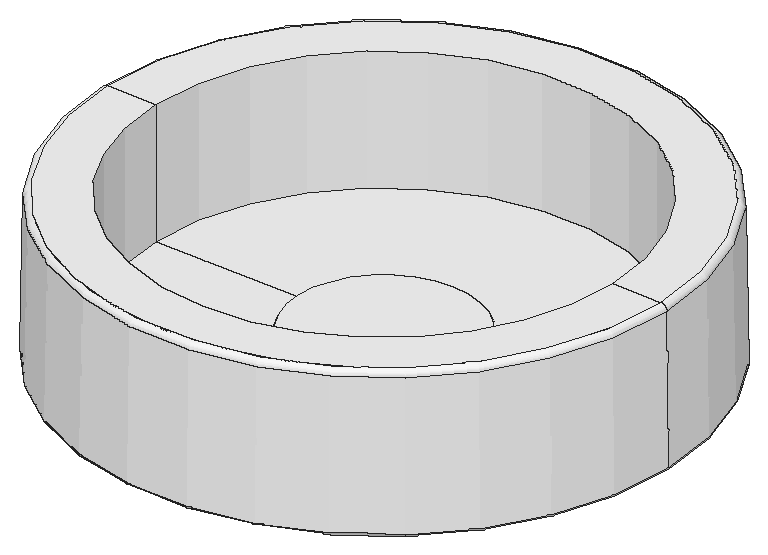
Revit family "NLRS_74_PF_UN_wastafel_S8VR1012000_SPHINX_BCB", category Plumbing Fixtures, Revit 2016
Family settings
  Part Type = Normal
  Round Connector Dimension = Use Radius
  OmniClass Number = 23.45.00.00
  OmniClass Title = Sanitary, Laundry, and Cleaning Equipment
  Work Plane-Based = No
  Always vertical = Yes
  Cut with Voids When Loaded = No
  Shared = No
  Room Calculation Point = No
Parameters
  NLRS_C_type = "Wastafel zonder kraangat en overloop"
  NLRS_C_serie = "300 Varicor"
  NLRS_C_revit_versie = "2016"
  NLRS_C_content_versie = "2.0"
  NLRS_C_content_provider = "BouwConnect"
  NLRS_C_content_datum_uitgifte = "APR-2018"
  NLRS_C_content_datum_gewijzigd = "APR-2018"
  NLRS_C_content_creator = "BouwConnect"
  NLRS_C_URL_product_data = "http://www.sphinx.nl/producten/wastafels-%7C-fonteinen/inbouwwastafels/sphinx-300-varicor-%7C-varicor-opzetwastafel-r-474-cm/28434/"
  Waste Connection = yes
  WFU = 0
  URL = "http://www.sphinx.nl/"
  Type Comments = ""
  NLRS_S_gewicht = 11.00 kg
  NLRS_C_materiaal = none
  NLRS_C_lengte = 474 mm
  NLRS_C_hoogte = 122 mm
  NLRS_C_diameter_uit = 45 mm
  NLRS_C_diameter_in = 35 mm
  NLRS_C_breedte = 474 mm
  Model = "Varicor opbouwwastafel R 47,4"  # constant formula
  Manufacturer = "Sphinx"  # constant formula
  Keynote = ""
  IfcTypeProduct = "IfcSanitaryTerminalType"
  IfcExportType = "SINK"
  IfcExportAs = "IfcSanitaryTerminalTypeEnum"
  IfcElement = "IfcFlowTerminal"
  NLRS_C_code_EAN = "8711754390584"
  Description = "wastafel"
  CWFU = 0
  NLRS_C_URL_BCB = "http://bcb-online.nl/?zoekterm=Sphinx+++%5bGeberit+B.V.%5d"
  Assembly Code = "47.11"
Reference planes
  plane 1 "Center (Front/Back)": y = 0
  plane 2: z = 0
  plane 3 "Center (Left/Right)": x = 0
Forms (mm)
  Revolve 1, solid, material "74_porcelein_wit", detail levels medium+fine
    sketch origin (0, 0, 0) x (1, 0, 0) y (0, 0, 1)
      loop
        arc (-76.957, 0) -> (-71.042, -1.824) -> (-67.183, -6.663) r 10.5
        arc (-67.183, -6.663) -> (-64.55, -11.484) -> (-60.799, -15.498) r 21.879
        arc (-60.799, -15.498) -> (-59.765, -16.298) -> (-58.678, -17.026) r 18.993
        arc (-58.678, -17.026) -> (-56.001, -18.515) -> (-53.194, -19.743) r 32.106
        arc (-53.194, -19.743) -> (-52.813, -19.914) -> (-52.453, -20.127) r 3.708
        arc (-52.453, -20.127) -> (-51.002, -21.358) -> (-49.864, -22.884) r 8.411
        arc (-49.864, -22.884) -> (-49.355, -23.962) -> (-49.035, -25.11) r 6.998
        line (-49.035, -25.11) -> (-48.58, -27.53)
        arc (-48.58, -27.53) -> (-46.514, -31.039) -> (-42.684, -32.421) r 6
        line (-42.684, -32.421) -> (-42.684, -31.421)
        arc (-42.684, -31.421) -> (-45.876, -30.269) -> (-47.597, -27.345) r 5
        line (-47.597, -27.345) -> (-48.193, -24.176)
        arc (-48.193, -24.176) -> (-49.835, -21.174) -> (-52.442, -18.957) r 9.411
        arc (-52.442, -18.957) -> (-55.772, -17.512) -> (-58.911, -15.689) r 31.106
        arc (-58.911, -15.689) -> (-63.533, -11.179) -> (-66.557, -5.472) r 20.879
        arc (-66.557, -5.472) -> (-68.713, -1.775) -> (-72.066, 0.885) r 11.566
        line (-72.066, 0.885) -> (-72.066, 20) -> (-189.992, 20) -> (-189.992, 121.969) -> (-230.064, 121.969)
        arc (-230.064, 121.969) -> (-233.57, 120.533) -> (-235.063, 117.051) r 5
        line (-235.063, 117.051) -> (-236.974, 1.018)
        arc (-236.974, 1.018) -> (-236.687, 0.299) -> (-235.973, 0) r 1.001
        line (-235.973, 0) -> (-76.957, 0)
      axis (0, 121.969) -> (0, -32.421)
    angle from 0 to 360
  Extrusion 2, solid, material "74_porcelein_wit", detail levels medium+fine
    sketch origin (0, 0, 0) x (1, 0, 0) y (0, 1, 0)
      loop
        circle (0, 0) r 71.066
    from 12 to 22
  Extrusion 3, solid, material "74_porcelein_wit", detail levels coarse
    sketch origin (0, 0, 0) x (1, 0, 0) y (0, 1, 0)
      loop
        circle (0, 0) r 240
    from 0 to 121.969
  Extrusion 4, void, detail levels coarse
    sketch origin (0, 0, 0) x (1, 0, 0) y (0, 1, 0)
      loop
        circle (0, 0) r 189.992
    from 20 to 155.189
  Extrusion 5, solid, not visible
    sketch origin (0, 0, -32.421) x (1, 0, 0) y (0, 1, 0)
      loop
        circle (0, 0) r 25
    from 0 to 5
Cuts and joins
  Extrusion 4 cuts Extrusion 3
Dimensions and locks
  aligned and locked: level to plane 2
Connectors
  piping at (0, 0, -32.421), diameter 50, driven by "WFU"
    settings: on Extrusion 5, index 1, connector inside diameter 50 mm, connector length 0 mm, flow factor 0, pipe flow 0.0 L/s, pressure drop 0.0 Pa, fitting loss kfactor 0, connector angle 0.00°, fixture units 0, engagement length 0 mm, angle of deflection 0.00°, flow configuration 3, flow direction 2, fitting loss method 0, system type 16, joint type 0, gender type 0, connector reference index -1, connector utility 0, adjustable connector no, is connector primary yes, connector description "out"
